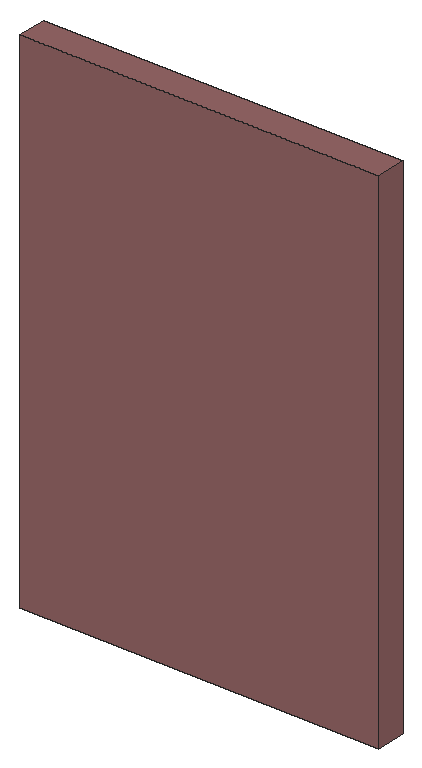
Revit family "M_Painel de controle do alarme de incêndio-Parede", category Equipamento especial, Revit 2019
Family settings
  Hospedeiro = Parede
  Cota do conector redondo = Utilizar diâmetro
  Tipo de parte = Normal
  Número OmniClass = 23.85.30.21.11
  Título OmniClass = Fire Detection, Monitoring and Alarm
  ID de item do Seek = Fire Alarm Control Panel-Wall-0000-CAN-ENU
  Sempre na vertical = Sim
  Corte com vazios quando carregada = Não
  Compartilhado = Não
  Ponto de cálculo do ambiente = Não
Parameters (values of type "350 x 500mm")
  Largura = 350 mm
  Altura da colocação = 1500 mm
  Legenda = "FACP"
  Altura = 500 mm
  Linear = 75 mm
  Material = Metal - Acabamento pintado - Vermelho indiano, fosco
Types (3, lengths in mm): name | Largura | Altura | Linear
  (no name) | 350 | 500 | 75
  350 x 500mm | 350 | 500 | 75
  550 x 750mm | 550 | 750 | 100
Reference planes
  plane 1: y = 0
  plane 2: z = 0
  plane 3 "Centro (Esquerda/Direita)": x = -602.849
  plane 4: z = 1500
  plane 5: z = 1000
  plane 6: x = -427.849
  plane 7: x = -777.849
  plane 8: y = 25
  plane 9: y = 100
  plane 10: z = 1250
Forms (mm)
  Extrusion 1, solid, material "Metal - Acabamento pintado - Vermelho indiano, fosco" <- "Material"
    sketch origin (-1524, 252.4, 0) x (-1, 0, 0) y (0, 0, 1)
      loop
        line (-1096.151, 1500) -> (-1096.151, 1000) -> (-746.151, 1000) -> (-746.151, 1500) -> (-1096.151, 1500)
    from -152.4 to -123.825
  Extrusion 2, void
    sketch origin (-1524, 252.4, 0) x (-1, 0, 0) y (0, 0, 1)
      loop
        line (-1083.451, 1487.3) -> (-1083.451, 1012.7) -> (-758.851, 1012.7) -> (-758.851, 1487.3) -> (-1083.451, 1487.3)
    from -227.4 to -152.4
Cuts and joins
  Extrusion 2 cuts Extrusion 1
Lines and regions (mm)
  Split face 1
    outline origin (-427.849, 128.575, 1500) x (1, 0, 0) y (0, 0, -1)
      loop
        line (-50.8, 50.8) -> (-50.8, 250) -> (-299.2, 250) -> (-299.2, 50.8) -> (-50.8, 50.8)
Text (mm)
  text "Lado da colocação" at (-2024.883, 1592.972, 0), in view "Linha do piso"
  text "Exterior" at (0, 1019.848, 3124.603), in view "Direita"
  text "Interior" at (0, -1635.541, 3124.603), in view "Direita"
Dimensions and locks
  "Altura": plane 5 to plane 4
  "Altura da colocação": level to plane 4
  equal spacing: plane 6, plane 3 "Centro (Esquerda/Direita)", plane 7
  "Largura": plane 6 to plane 7
  locked: plane 9 to host wall
  "Linear": plane 8 to plane 9
  locked: Extrusion 2 sketch curve to plane 6 at 12.7
  locked: Extrusion 2 sketch curve to plane 7 at 12.7
  locked: plane 5 to Extrusion 2 sketch curve at 12.7
  locked: Extrusion 2 sketch curve to plane 4 at 12.7
  equal spacing: plane 5, plane 10, plane 4
  aligned and locked: Extrusion 1 to plane 4
  aligned and locked: Extrusion 1 to host wall
  aligned and locked: plane 8 to Extrusion 2
  aligned and locked: host wall to Extrusion 2
  aligned and locked: nested 1 to cut or joined group of Extrusion 1, Extrusion 2
  aligned and locked: Extrusion 1 sketch curve to plane 6
  aligned and locked: Extrusion 1 sketch curve to plane 5
  aligned and locked: plane 7 to Extrusion 1 sketch curve
  aligned and locked: plane 4 to Extrusion 1 sketch curve
  aligned and locked: Split face 1 sketch curve to plane 10
Automatic sketch dimensions
  Split face 1 sketch curve to cut or joined group of Extrusion 1, Extrusion 2 = 50.8 mm  (x3)
Nested families
  nested 1: "Anotação do painel de controle de alarme de incêndio" at (-603.327, 128.575, 0), type "Anotação do painel de controle de alarme de incêndio"
Definition of nested family "Anotação do painel de controle de alarme de incêndio"
  Parameters
    Legenda = ""
  Reference planes
    plane 1: y = 0
    plane 2: x = 0
  Lines and regions (mm)
    detail lines
      curve 1: line (-3.175, 3.368, 0) -> (3.175, 3.368, 0)
      curve 2: line (3.175, 0.193, 0) -> (3.175, 3.368, 0)
      curve 3: line (-3.175, 0.193, 0) -> (-3.175, 3.368, 0)
      curve 4: line (-3.175, 0.193, 0) -> (3.175, 0.193, 0)
  Text (mm)
    label "FACP" at (0.022, 1.689, 0), shows "Legenda"
  Automatic sketch dimensions
    curve 3 to plane 2 = 3.175 mm
    plane 2 to curve 1 = 3.175 mm
    curve 3 to plane 1 = 0.193 mm
    curve 3 to curve 3 = 3.175 mm
